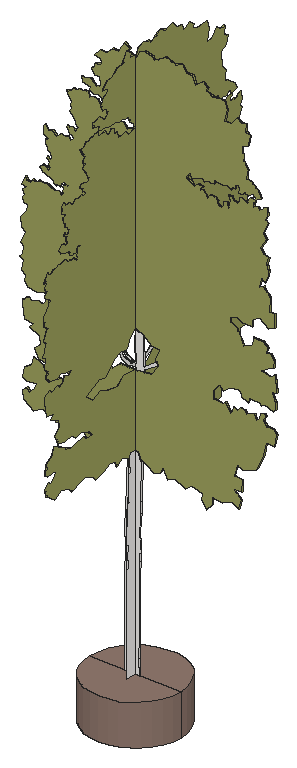
Revit family "자작나무", category 수목, Revit 2019
Family settings
  OmniClass 번호 = 23.40.05.00
  OmniClass 제목 = Plants and Planting Products
  작업 기준면 기반 = 아니오
  항상 수직 = 예
  로드될 때 보이드를 사용하여 절단 = 아니오
  렌더 모양 소스 = 패밀리 형상
  공유 = 아니오
Parameters
  콘 높이 = 뿌리분 직경 / 4  # 272.5 mm
  뿌리분 직경 = (24 mm + ((R / 10) - 3 mm) * 5) * 10  # 1090 mm
  뿌리분 높이 = 뿌리분 직경 / 2  # 545 mm
  높이 = 4500 mm
  R = 200 mm
  H = 높이  # 4500 mm
Reference planes
  plane 1 "중심(앞/뒤)": y = 0
  plane 2: z = 0
  plane 3 "중심(왼쪽/오른쪽)": x = 0
  plane 4: x = 482.5
  plane 5: x = -607.5
  plane 6: z = -545
  plane 7: z = -817.5
  plane 8: z = 4500
  plane 9: x = -100
  plane 10: x = 100
Forms (mm)
  Revolve 1, solid, material "흙"
    sketch origin (0, 0, 0) x (1, 0, 0) y (0, 0, 1)
      loop
        line (0, 0) -> (-607.5, 0) -> (-607.5, -545) -> (0, -545) -> (0, 0)
      axis (0, 0) -> (0, -545)
    angle from 0 to 360
  Revolve 2, solid, material "흙"
    sketch origin (0, 0, 0) x (1, 0, 0) y (0, 0, 1)
      loop
        line (0, -545) -> (-607.5, -545) -> (0, -817.5) -> (0, -545)
      axis (0, -545) -> (0, -817.5)
    angle from 0 to 360
Dimensions and locks
  "뿌리분 직경": plane 4 to plane 5
  "뿌리분 높이": plane 6 to level
  "콘 높이": plane 7 to plane 6
  "H": level to plane 8
  "R": plane 9 to plane 10
  aligned and locked: level to plane 2
Automatic sketch dimensions
  Revolve 1 sketch curve to level = 0 mm  (x2)
  Revolve 1 sketch curve to plane 5 = 0 mm
  Revolve 1 sketch curve to plane 3 "중심(왼쪽/오른쪽)" = 0 mm  (x2)
  Revolve 1 sketch curve to plane 6 = 0 mm  (x2)
  Revolve 2 sketch curve to plane 5 = 0 mm
  Revolve 2 sketch curve to plane 3 "중심(왼쪽/오른쪽)" = 0 mm  (x2)
  Revolve 2 sketch curve to plane 7 = 0 mm  (x2)
  Revolve 2 sketch curve to plane 6 = 0 mm  (x2)
Nested families
  nested 1: "자작나무_base" at (0, 0, 0), type "자작나무_base"
Definition of nested family "자작나무_base"
  Parameters (values of type "자작나무_base")
    Height = 6000 mm
  Reference planes
    plane 1 "중심(앞/뒤)": y = 0
    plane 2: z = 0
    plane 3 "중심(왼쪽/오른쪽)": x = 0
  Forms (mm)
    Extrusion 1, solid, detail levels fine
      sketch origin (-40, 0, 0) x (1, 0, 0) y (0, 0, 1)
        loop
          line (-550.821, 6763.134) -> (-560.489, 6724.454) -> (-509.84, 6699.187) -> (-455.17, 6708.904) -> (-389.567, 6678.538) -> (-321.534, 6693.114) -> (-289.947, 6693.114) -> (-220.699, 6665.177) -> (-189.112, 6684.611) -> (-115.004, 6663.188) -> (-72.89, 6663.188) -> (-50.657, 6589.966) -> (19.963, 6542.894) -> (26.502, 6476.21) -> (-59.812, 6440.906) -> (-109.508, 6499.746) -> (-194.514, 6474.902) -> (-244.21, 6508.898) -> (-259.929, 6560.747) -> (-315.264, 6574.271) -> (-321.412, 6628.366) -> (-352.154, 6638.201) -> (-380.437, 6601.318) -> (-429.623, 6611.154) -> (-452.987, 6657.872) -> (-512.011, 6652.955) -> (-562.428, 6636.972) -> (-579.643, 6702.132) -> (-622.682, 6702.132) -> (-646.045, 6677.543) -> (-694.003, 6686.149) -> (-731.077, 6658.802) -> (-769.013, 6672.626) -> (-805.621, 6620.884) -> (-868.395, 6616.961) -> (-835.7, 6556.814) -> (-793.851, 6500.59) -> (-816.083, 6457.441) -> (-801.697, 6409.062) -> (-823.487, 6376.42) -> (-764.331, 6305.446) -> (-739.354, 6237.101) -> (-706.489, 6225.272) -> (-743.297, 6177.955) -> (-793.252, 6198.985) -> (-826.117, 6195.042) -> (-853.723, 6202.928) -> (-868.184, 6171.384) -> (-834.004, 6142.468) -> (-823.887, 6107.51) -> (-792.592, 6097.629) -> (-778.591, 6058.93) -> (-812.357, 6044.932) -> (-837.887, 6076.221) -> (-883.183, 6052.342) -> (-937.046, 6070.496) -> (-992.834, 6027.999) -> (-1045.966, 6070.496) -> (-1104.411, 6061.2) -> (-1142.932, 6112.994) -> (-1170.826, 6079.792) -> (-1165.513, 6042.607) -> (-1168.17, 5989.486) -> (-1099.098, 5957.613) -> (-1124.336, 5933.708) -> (-1148.245, 5932.38) -> (-1144.26, 5876.602) -> (-1113.709, 5858.009) -> (-1117.694, 5816.84) -> (-1076.517, 5796.919) -> (-1059.249, 5723.877) -> (-1084.487, 5703.956) -> (-1119.023, 5739.814) -> (-1132.306, 5711.925) -> (-1096.442, 5682.708) -> (-1100.426, 5640.21) -> (-1077.845, 5610.993) -> (-1100.426, 5588.417) -> (-1132.184, 5614.566) -> (-1172.171, 5623.894) -> (-1226.819, 5575.919) -> (-1208.159, 5566.591) -> (-1185.499, 5525.279) -> (-1150.844, 5522.613) -> (-1116.189, 5503.956) -> (-1072.203, 5502.624) -> (-1042.879, 5475.971) -> (-1045.545, 5446.653) -> (-1001.56, 5434.659) -> (-990.896, 5445.32) -> (-945.578, 5433.326) -> (-936.248, 5478.636) -> (-900.259, 5506.622) -> (-849.609, 5487.965) -> (-905.591, 5477.303) -> (-914.921, 5447.985) -> (-904.258, 5422.665) -> (-924.251, 5385.351) -> (-906.924, 5365.361) -> (-926.917, 5346.704) -> (-976.234, 5378.688) -> (-1018.887, 5365.361) -> (-1038.881, 5382.686) -> (-1061.54, 5380.021) -> (-1112.19, 5417.335) -> (-1170.9, 5404.743) -> (-1226.024, 5414.152) -> (-1270.391, 5383.235) -> (-1312.07, 5395.333) -> (-1340.304, 5360.384) -> (-1392.738, 5368.449) -> (-1406.183, 5400.71) -> (-1462.717, 5293.076) -> (-1402.105, 5271.433) -> (-1451.894, 5234.639) -> (-1428.082, 5171.875) -> (-1456.223, 5137.246) -> (-1434.576, 5085.302) -> (-1382.623, 5072.316) -> (-1391.282, 4996.566) -> (-1471.376, 4892.679) -> (-1462.717, 4784.463) -> (-1410.764, 4736.848) -> (-1471.779, 4602.723) -> (-1439.083, 4563.495) -> (-1456.521, 4465.425) -> (-1487.037, 4428.377) -> (-1434.723, 4395.687) -> (-1458.815, 4272.409) -> (-1415.069, 4224.297) -> (-1428.193, 4147.757) -> (-1380.072, 4095.272) -> (-1266.333, 4073.403) -> (-1176.654, 4108.393) -> (-1102.286, 4077.777) -> (-1006.045, 4066.842) -> (-1062.914, 4025.292) -> (-1132.908, 4051.534) -> (-1159.155, 3974.994) -> (-1207.276, 3961.872) -> (-1242.272, 3981.554) -> (-1336.326, 3942.191) -> (-1373.51, 3983.741) -> (-1454.44, 3931.256) -> (-1450.065, 3874.397) -> (-1425.264, 3701.005) -> (-1307.211, 3678.523) -> (-1357.805, 3633.559) -> (-1222.888, 3566.114) -> (-1211.645, 3470.565) -> (-1290.347, 3403.12) -> (-1234.131, 3290.71) -> (-1121.7, 3268.228) -> (-1013.657, 3284.718) -> (-936.036, 3233.719) -> (-867.285, 3264.762) -> (-745.309, 3224.85) -> (-680.994, 3151.678) -> (-760.833, 3145.026) -> (-805.188, 3182.72) -> (-938.253, 3160.547) -> (-1026.964, 3142.808) -> (-1124.545, 3191.59) -> (-1242.086, 3264.762) -> (-1304.183, 3286.935) -> (-1330.796, 3193.807) -> (-1428.377, 3129.505) -> (-1448.337, 3000.899) -> (-1401.764, 2978.726) -> (-1270.917, 2983.161) -> (-1286.441, 2923.293) -> (-1352.974, 2863.425) -> (-1392.893, 2898.902) -> (-1454.99, 2843.469) -> (-1430.595, 2743.689) -> (-1297.53, 2648.344) -> (-1195.513, 2712.646) -> (-1053.577, 2681.604) -> (-1007.004, 2626.17) -> (-873.939, 2670.517) -> (-776.357, 2697.125) -> (-654.381, 2650.561) -> (-605.59, 2584.041) -> (-499.138, 2623.953) -> (-379.367, 2676.698) -> (-284.936, 2658.884) -> (-268.9, 2600.098) -> (-179.814, 2644.633) -> (-69.347, 2614.35) -> (-44.52, 2661.349) -> (84.851, 2647.366) -> (107.689, 2578.848) -> (188.943, 2531.165) -> (282.562, 2476.417) -> (374.414, 2501.142) -> (413.275, 2570.018) -> (466.267, 2456.99) -> (565.185, 2506.44) -> (715.328, 2439.33) -> (789.516, 2495.844) -> (941.426, 2453.458) -> (925.528, 2377.518) -> (987.352, 2276.853) -> (1063.307, 2368.688) -> (1068.353, 2455.474) -> (1203.375, 2437.475) -> (1315.893, 2495.973) -> (1419.409, 2441.975) -> (1450.914, 2563.471) -> (1360.9, 2648.968) -> (1455.415, 2662.468) -> (1464.417, 2801.963) -> (1356.399, 2810.963) -> (1396.906, 2950.459) -> (1464.417, 2923.46) -> (1657.948, 2995.457) -> (1749.34, 3189.226) -> (1780.195, 3349.08) -> (1889.589, 3349.08) -> (1923.249, 3497.717) -> (1877.685, 3558.549) -> (1788.482, 3552.327) -> (1744.918, 3608.327) -> (1778.11, 3658.105) -> (1761.514, 3689.217) -> (1703.428, 3670.55) -> (1695.13, 3612.475) -> (1651.566, 3577.216) -> (1630.821, 3643.587) -> (1566.512, 3624.92) -> (1514.649, 3610.401) -> (1495.979, 3645.661) -> (1439.967, 3645.661) -> (1398.478, 3597.957) -> (1340.392, 3622.846) -> (1330.019, 3560.623) -> (1304.547, 3548.642) -> (1245.642, 3649.603) -> (1211.982, 3613.145) -> (1080.147, 3635.58) -> (1082.952, 3728.127) -> (1161.492, 3820.675) -> (1220.397, 3781.412) -> (1290.522, 3840.306) -> (1412.999, 3855.144) -> (1450.34, 3821.959) -> (1452.414, 3780.477) -> (1547.841, 3747.291) -> (1564.437, 3801.218) -> (1686.832, 3801.218) -> (1713.8, 3765.958) -> (1757.365, 3792.922) -> (1875.611, 3757.662) -> (1909.224, 3789.38) -> (1909.224, 3876.319) -> (1864.345, 3974.475) -> (1923.249, 3994.106) -> (1903.614, 4201.636) -> (1839.1, 4153.96) -> (1721.29, 4187.613) -> (1837.508, 4269.838) -> (1882.96, 4282.073) -> (1886.456, 4360.725) -> (1841.004, 4427.143) -> (1779.818, 4428.891) -> (1813.034, 4486.569) -> (1746.603, 4547.743) -> (1613.743, 4547.743) -> (1605.002, 4449.865) -> (1477.386, 4399.178) -> (1461.652, 4448.117) -> (1407.459, 4514.534) -> (1396.97, 4575.709) -> (1307.814, 4624.648) -> (1306.066, 4671.839) -> (1391.726, 4710.291) -> (1468.645, 4675.335) -> (1593.238, 4671.885) -> (1593.238, 4747.593) -> (1691.232, 4805.487) -> (1815.952, 4716.419) -> (1896.129, 4760.953) -> (1896.129, 4930.183) -> (1829.315, 4930.183) -> (1833.769, 5099.413) -> (1768.204, 5166.052) -> (1750.813, 5200.828) -> (1684.726, 5171.268) -> (1722.987, 5277.334) -> (1771.682, 5249.514) -> (1804.725, 5338.192) -> (1816.899, 5411.221) -> (1789.073, 5477.295) -> (1813.421, 5562.496) -> (1754.291, 5574.667) -> (1710.25, 5648.868) -> (1789.974, 5768.43) -> (1741.446, 5830.811) -> (1807.305, 5960.77) -> (1767.443, 5997.158) -> (1803.838, 6059.538) -> (1793.44, 6149.643) -> (1741.446, 6134.048) -> (1733.953, 6103.794) -> (1694.423, 6088.495) -> (1677.847, 6116.543) -> (1617.915, 6101.244) -> (1608.989, 6156.064) -> (1637.042, 6158.614) -> (1633.217, 6182.837) -> (1573.286, 6191.761) -> (1541.407, 6154.789) -> (1532.481, 6122.917) -> (1491.677, 6122.917) -> (1450.873, 6147.14) -> (1427.921, 6135.666) -> (1426.645, 6092.32) -> (1402.418, 6077.021) -> (1342.487, 6089.77) -> (1333.561, 6124.192) -> (1283.83, 6125.467) -> (1308.058, 6065.547) -> (1283.83, 5964.831) -> (1260.878, 6009.452) -> (1260.878, 6034.95) -> (1212.423, 6013.277) -> (1220.074, 5971.205) -> (1192.021, 5948.257) -> (1163.968, 5955.907) -> (1133.365, 5973.755) -> (1139.74, 6004.352) -> (1102.762, 6037.499) -> (1045.38, 6043.874) -> (1004.576, 5996.703) -> (971.423, 6023.476) -> (947.195, 6068.097) -> (912.767, 6051.523) -> (906.391, 6071.921) -> (941.688, 6100.612) -> (886.228, 6116.207) -> (828.516, 6072.859) -> (780.802, 6106.934) -> (719.456, 6134.194) -> (767.17, 6193.257) -> (801.251, 6145.552) -> (919.399, 6193.257) -> (966.435, 6172.704) -> (1006.446, 6196.706) -> (1036.454, 6178.705) -> (1092.468, 6182.705) -> (1098.47, 6220.708) -> (1194.495, 6212.707) -> (1249.561, 6230.394) -> (1315.067, 6194.097) -> (1335.587, 6231.183) -> (1367.156, 6229.605) -> (1371.102, 6269.848) -> (1416.877, 6273.793) -> (1423.191, 6237.496) -> (1416.554, 6196.706) -> (1442.561, 6188.705) -> (1476.57, 6202.706) -> (1492.574, 6226.708) -> (1548.589, 6206.707) -> (1596.602, 6242.709) -> (1646.912, 6193.144) -> (1719.158, 6226.693) -> (1689.621, 6290.299) -> (1580.561, 6381.165) -> (1523.758, 6394.795) -> (1528.303, 6465.216) -> (1544.645, 6510.967) -> (1475.632, 6591.967) -> (1459.728, 6764.612) -> (1543.795, 6803.23) -> (1566.516, 6919.085) -> (1511.986, 6957.703) -> (1518.802, 7050.84) -> (1450.087, 7042.118) -> (1398.099, 7082.796) -> (1314.467, 6978.84) -> (1233.095, 6983.36) -> (1264.74, 7127.994) -> (1228.574, 7236.469) -> (1072.611, 7218.39) -> (986.467, 7250.688) -> (1008.003, 7297.341) -> (943.394, 7347.582) -> (846.481, 7279.397) -> (806.188, 7374.254) -> (725.457, 7382.863) -> (667.331, 7449.588) -> (566.511, 7426.533) -> (451.651, 7469.597) -> (422.936, 7448.065) -> (300.898, 7379.88) -> (279.362, 7415.767) -> (182.449, 7440.888) -> (96.304, 7405.001) -> (71.179, 7336.816) -> (-65.217, 7358.348) -> (-18.555, 7405.001) -> (-93.932, 7451.654) -> (-173.197, 7326.49) -> (-252.803, 7323.697) -> (-272.355, 7298.564) -> (-342.184, 7244.107) -> (-421.79, 7248.296) -> (-490.223, 7160.328) -> (-410.617, 7142.176) -> (-406.427, 7101.682) -> (-499.999, 7055.604) -> (-490.519, 7020.205) -> (-531.405, 7000.745) -> (-494.367, 6922.925) -> (-434.208, 6924.233) -> (-410.668, 6839.243) -> (-466.903, 6805.247) -> (-545.371, 6871.931) -> (-621.222, 6843.165) -> (-663.072, 6852.318) -> (-651.302, 6788.249) -> (-550.821, 6763.134)
        loop
          line (-149.538, 3618.868) -> (32.447, 3613.092) -> (254.874, 3630.421) -> (350.199, 3751.721) -> (318.424, 3823.924) -> (379.086, 3971.217) -> (260.651, 3974.105) -> (176.88, 4043.419) -> (46.891, 4115.622) -> (-54.212, 4028.979) -> (-100.431, 3919.231) -> (-218.866, 3922.119) -> (-314.191, 3878.798) -> (-380.63, 3821.036) -> (-464.402, 3734.393) -> (-551.061, 3760.385) -> (-785.042, 3650.638) -> (-657.941, 3546.666) -> (-530.841, 3610.204) -> (-409.517, 3563.994) -> (-250.641, 3532.225) -> (-149.538, 3618.868)
      from 0 to 5
    Extrusion 2, solid, detail levels fine
      sketch origin (-40, 0, 0) x (1, 0, 0) y (0, 0, 1)
        loop
          line (57.797, 3691.532) -> (53.536, 3685.852) -> (-56.551, 3750.471) -> (-159.535, 3859.826) -> (-184.394, 3917.345) -> (-212.093, 3918.765) -> (-181.553, 3837.813) -> (-75.727, 3724.197) -> (58.508, 3642.535) -> (59.218, 3619.812) -> (169.305, 3629.044) -> (171.466, 3653.331) -> (339.792, 3761.977) -> (323.456, 3799.612) -> (169.335, 3685.996) -> (159.392, 3695.937) -> (154.42, 4049.568) -> (52.146, 4107.086) -> (44.263, 3926.929) -> (57.797, 3691.532)
        loop
          line (-66.287, 2224.425) -> (-85.02, 1924.75) -> (-98.133, 1671.898) -> (-90.64, 1499.585) -> (-92.564, 1092.673) -> (-100, 809.124) -> (-94.38, 217.265) -> (-100, 0) -> (100, 0) -> (94.112, 203.603) -> (96.467, 457.928) -> (102.416, 689.166) -> (95.35, 902.281) -> (95.403, 1129.884) -> (101.291, 1188.755) -> (103.647, 1364.192) -> (108.404, 1545.769) -> (109.582, 1592.866) -> (100.161, 1681.173) -> (110.76, 1837.772) -> (120.181, 1943.74) -> (116.735, 2078.488) -> (133.642, 2555.525) -> (104.339, 2574.384) -> (81.469, 2643.183) -> (-43.515, 2655.78) -> (-54.054, 2632.873) -> (-66.287, 2224.425)
      from 0 to 5
    Extrusion 3, solid, detail levels fine
      sketch origin (-5, -45, 0) x (0, 1, 0) y (0, 0, 1)
        loop
          line (-550.821, 6763.134) -> (-560.489, 6724.454) -> (-509.84, 6699.187) -> (-455.17, 6708.904) -> (-389.567, 6678.538) -> (-321.534, 6693.114) -> (-289.947, 6693.114) -> (-220.699, 6665.177) -> (-189.112, 6684.611) -> (-115.004, 6663.188) -> (-72.89, 6663.188) -> (-50.657, 6589.966) -> (19.963, 6542.894) -> (26.502, 6476.21) -> (-59.812, 6440.906) -> (-109.508, 6499.746) -> (-194.514, 6474.902) -> (-244.21, 6508.898) -> (-259.929, 6560.747) -> (-315.264, 6574.271) -> (-321.412, 6628.366) -> (-352.154, 6638.201) -> (-380.437, 6601.318) -> (-429.623, 6611.154) -> (-452.987, 6657.872) -> (-512.011, 6652.955) -> (-562.428, 6636.972) -> (-579.643, 6702.132) -> (-622.682, 6702.132) -> (-646.045, 6677.543) -> (-694.003, 6686.149) -> (-731.077, 6658.802) -> (-769.013, 6672.626) -> (-805.621, 6620.884) -> (-868.395, 6616.961) -> (-835.7, 6556.814) -> (-793.851, 6500.59) -> (-816.083, 6457.441) -> (-801.697, 6409.062) -> (-823.487, 6376.42) -> (-764.331, 6305.446) -> (-739.354, 6237.101) -> (-706.489, 6225.272) -> (-743.297, 6177.955) -> (-793.252, 6198.985) -> (-826.117, 6195.042) -> (-853.723, 6202.928) -> (-868.184, 6171.384) -> (-834.004, 6142.468) -> (-823.887, 6107.51) -> (-792.592, 6097.629) -> (-778.591, 6058.93) -> (-812.357, 6044.932) -> (-837.887, 6076.221) -> (-883.183, 6052.342) -> (-937.046, 6070.496) -> (-992.834, 6027.999) -> (-1045.966, 6070.496) -> (-1104.411, 6061.2) -> (-1142.932, 6112.994) -> (-1170.826, 6079.792) -> (-1165.513, 6042.607) -> (-1168.17, 5989.486) -> (-1099.098, 5957.613) -> (-1124.336, 5933.708) -> (-1148.245, 5932.38) -> (-1144.26, 5876.602) -> (-1113.709, 5858.009) -> (-1117.694, 5816.84) -> (-1076.517, 5796.919) -> (-1059.249, 5723.877) -> (-1084.487, 5703.956) -> (-1119.023, 5739.814) -> (-1132.306, 5711.925) -> (-1096.442, 5682.708) -> (-1100.426, 5640.21) -> (-1077.845, 5610.993) -> (-1100.426, 5588.417) -> (-1132.184, 5614.566) -> (-1172.171, 5623.894) -> (-1226.819, 5575.919) -> (-1208.159, 5566.591) -> (-1185.499, 5525.279) -> (-1150.844, 5522.613) -> (-1116.189, 5503.956) -> (-1072.203, 5502.624) -> (-1042.879, 5475.971) -> (-1045.545, 5446.653) -> (-1001.56, 5434.659) -> (-990.896, 5445.32) -> (-945.578, 5433.326) -> (-936.248, 5478.636) -> (-900.259, 5506.622) -> (-849.609, 5487.965) -> (-905.591, 5477.303) -> (-914.921, 5447.985) -> (-904.258, 5422.665) -> (-924.251, 5385.351) -> (-906.924, 5365.361) -> (-926.917, 5346.704) -> (-976.234, 5378.688) -> (-1018.887, 5365.361) -> (-1038.881, 5382.686) -> (-1061.54, 5380.021) -> (-1112.19, 5417.335) -> (-1170.9, 5404.743) -> (-1226.024, 5414.152) -> (-1270.391, 5383.235) -> (-1312.07, 5395.333) -> (-1340.304, 5360.384) -> (-1392.738, 5368.449) -> (-1406.183, 5400.71) -> (-1462.717, 5293.076) -> (-1402.105, 5271.433) -> (-1451.894, 5234.639) -> (-1428.082, 5171.875) -> (-1456.223, 5137.246) -> (-1434.576, 5085.302) -> (-1382.623, 5072.316) -> (-1391.282, 4996.566) -> (-1471.376, 4892.679) -> (-1462.717, 4784.463) -> (-1410.764, 4736.848) -> (-1471.779, 4602.723) -> (-1439.083, 4563.495) -> (-1456.521, 4465.425) -> (-1487.037, 4428.377) -> (-1434.723, 4395.687) -> (-1458.815, 4272.409) -> (-1415.069, 4224.297) -> (-1428.193, 4147.757) -> (-1380.072, 4095.272) -> (-1266.333, 4073.403) -> (-1176.654, 4108.393) -> (-1102.286, 4077.777) -> (-1006.045, 4066.842) -> (-1062.914, 4025.292) -> (-1132.908, 4051.534) -> (-1159.155, 3974.994) -> (-1207.276, 3961.872) -> (-1242.272, 3981.554) -> (-1336.326, 3942.191) -> (-1373.51, 3983.741) -> (-1454.44, 3931.256) -> (-1450.065, 3874.397) -> (-1425.264, 3701.005) -> (-1307.211, 3678.523) -> (-1357.805, 3633.559) -> (-1222.888, 3566.114) -> (-1211.645, 3470.565) -> (-1290.347, 3403.12) -> (-1234.131, 3290.71) -> (-1121.7, 3268.228) -> (-1013.657, 3284.718) -> (-936.036, 3233.719) -> (-867.285, 3264.762) -> (-745.309, 3224.85) -> (-680.994, 3151.678) -> (-760.833, 3145.026) -> (-805.188, 3182.72) -> (-938.253, 3160.547) -> (-1026.964, 3142.808) -> (-1124.545, 3191.59) -> (-1242.086, 3264.762) -> (-1304.183, 3286.935) -> (-1330.796, 3193.807) -> (-1428.377, 3129.505) -> (-1448.337, 3000.899) -> (-1401.764, 2978.726) -> (-1270.917, 2983.161) -> (-1286.441, 2923.293) -> (-1352.974, 2863.425) -> (-1392.893, 2898.902) -> (-1454.99, 2843.469) -> (-1430.595, 2743.689) -> (-1297.53, 2648.344) -> (-1195.513, 2712.646) -> (-1053.577, 2681.604) -> (-1007.004, 2626.17) -> (-873.939, 2670.517) -> (-776.357, 2697.125) -> (-654.381, 2650.561) -> (-605.59, 2584.041) -> (-499.138, 2623.953) -> (-379.367, 2676.698) -> (-284.936, 2658.884) -> (-268.9, 2600.098) -> (-179.814, 2644.633) -> (-69.347, 2614.35) -> (-44.52, 2661.349) -> (84.851, 2647.366) -> (107.689, 2578.848) -> (188.943, 2531.165) -> (282.562, 2476.417) -> (374.414, 2501.142) -> (413.275, 2570.018) -> (466.267, 2456.99) -> (565.185, 2506.44) -> (715.328, 2439.33) -> (789.516, 2495.844) -> (941.426, 2453.458) -> (925.528, 2377.518) -> (987.352, 2276.853) -> (1063.307, 2368.688) -> (1068.353, 2455.474) -> (1203.375, 2437.475) -> (1315.893, 2495.973) -> (1419.409, 2441.975) -> (1450.914, 2563.471) -> (1360.9, 2648.968) -> (1455.415, 2662.468) -> (1464.417, 2801.963) -> (1356.399, 2810.963) -> (1396.906, 2950.459) -> (1464.417, 2923.46) -> (1657.948, 2995.457) -> (1749.34, 3189.226) -> (1780.195, 3349.08) -> (1889.589, 3349.08) -> (1923.249, 3497.717) -> (1877.685, 3558.549) -> (1788.482, 3552.327) -> (1744.918, 3608.327) -> (1778.11, 3658.105) -> (1761.514, 3689.217) -> (1703.428, 3670.55) -> (1695.13, 3612.475) -> (1651.566, 3577.216) -> (1630.821, 3643.587) -> (1566.512, 3624.92) -> (1514.649, 3610.401) -> (1495.979, 3645.661) -> (1439.967, 3645.661) -> (1398.478, 3597.957) -> (1340.392, 3622.846) -> (1330.019, 3560.623) -> (1304.547, 3548.642) -> (1245.642, 3649.603) -> (1211.982, 3613.145) -> (1080.147, 3635.58) -> (1082.952, 3728.127) -> (1161.492, 3820.675) -> (1220.397, 3781.412) -> (1290.522, 3840.306) -> (1412.999, 3855.144) -> (1450.34, 3821.959) -> (1452.414, 3780.477) -> (1547.841, 3747.291) -> (1564.437, 3801.218) -> (1686.832, 3801.218) -> (1713.8, 3765.958) -> (1757.365, 3792.922) -> (1875.611, 3757.662) -> (1909.224, 3789.38) -> (1909.224, 3876.319) -> (1864.345, 3974.475) -> (1923.249, 3994.106) -> (1903.614, 4201.636) -> (1839.1, 4153.96) -> (1721.29, 4187.613) -> (1837.508, 4269.838) -> (1882.96, 4282.073) -> (1886.456, 4360.725) -> (1841.004, 4427.143) -> (1779.818, 4428.891) -> (1813.034, 4486.569) -> (1746.603, 4547.743) -> (1613.743, 4547.743) -> (1605.002, 4449.865) -> (1477.386, 4399.178) -> (1461.652, 4448.117) -> (1407.459, 4514.534) -> (1396.97, 4575.709) -> (1307.814, 4624.648) -> (1306.066, 4671.839) -> (1391.726, 4710.291) -> (1468.645, 4675.335) -> (1593.238, 4671.885) -> (1593.238, 4747.593) -> (1691.232, 4805.487) -> (1815.952, 4716.419) -> (1896.129, 4760.953) -> (1896.129, 4930.183) -> (1829.315, 4930.183) -> (1833.769, 5099.413) -> (1768.204, 5166.052) -> (1750.813, 5200.828) -> (1684.726, 5171.268) -> (1722.987, 5277.334) -> (1771.682, 5249.514) -> (1804.725, 5338.192) -> (1816.899, 5411.221) -> (1789.073, 5477.295) -> (1813.421, 5562.496) -> (1754.291, 5574.667) -> (1710.25, 5648.868) -> (1789.974, 5768.43) -> (1741.446, 5830.811) -> (1807.305, 5960.77) -> (1767.443, 5997.158) -> (1803.838, 6059.538) -> (1793.44, 6149.643) -> (1741.446, 6134.048) -> (1733.953, 6103.794) -> (1694.423, 6088.495) -> (1677.847, 6116.543) -> (1617.915, 6101.244) -> (1608.989, 6156.064) -> (1637.042, 6158.614) -> (1633.217, 6182.837) -> (1573.286, 6191.761) -> (1541.407, 6154.789) -> (1532.481, 6122.917) -> (1491.677, 6122.917) -> (1450.873, 6147.14) -> (1427.921, 6135.666) -> (1426.645, 6092.32) -> (1402.418, 6077.021) -> (1342.487, 6089.77) -> (1333.561, 6124.192) -> (1283.83, 6125.467) -> (1308.058, 6065.547) -> (1283.83, 5964.831) -> (1260.878, 6009.452) -> (1260.878, 6034.95) -> (1212.423, 6013.277) -> (1220.074, 5971.205) -> (1192.021, 5948.257) -> (1163.968, 5955.907) -> (1133.365, 5973.755) -> (1139.74, 6004.352) -> (1102.762, 6037.499) -> (1045.38, 6043.874) -> (1004.576, 5996.703) -> (971.423, 6023.476) -> (947.195, 6068.097) -> (912.767, 6051.523) -> (906.391, 6071.921) -> (941.688, 6100.612) -> (886.228, 6116.207) -> (828.516, 6072.859) -> (780.802, 6106.934) -> (719.456, 6134.194) -> (767.17, 6193.257) -> (801.251, 6145.552) -> (919.399, 6193.257) -> (966.435, 6172.704) -> (1006.446, 6196.706) -> (1036.454, 6178.705) -> (1092.468, 6182.705) -> (1098.47, 6220.708) -> (1194.495, 6212.707) -> (1249.561, 6230.394) -> (1315.067, 6194.097) -> (1335.587, 6231.183) -> (1367.156, 6229.605) -> (1371.102, 6269.848) -> (1416.877, 6273.793) -> (1423.191, 6237.496) -> (1416.554, 6196.706) -> (1442.561, 6188.705) -> (1476.57, 6202.706) -> (1492.574, 6226.708) -> (1548.589, 6206.707) -> (1596.602, 6242.709) -> (1646.912, 6193.144) -> (1719.158, 6226.693) -> (1689.621, 6290.299) -> (1580.561, 6381.165) -> (1523.758, 6394.795) -> (1528.303, 6465.216) -> (1544.645, 6510.967) -> (1475.632, 6591.967) -> (1459.728, 6764.612) -> (1543.795, 6803.23) -> (1566.516, 6919.085) -> (1511.986, 6957.703) -> (1518.802, 7050.84) -> (1450.087, 7042.118) -> (1398.099, 7082.796) -> (1314.467, 6978.84) -> (1233.095, 6983.36) -> (1264.74, 7127.994) -> (1228.574, 7236.469) -> (1072.611, 7218.39) -> (986.467, 7250.688) -> (1008.003, 7297.341) -> (943.394, 7347.582) -> (846.481, 7279.397) -> (806.188, 7374.254) -> (725.457, 7382.863) -> (667.331, 7449.588) -> (566.511, 7426.533) -> (451.651, 7469.597) -> (422.936, 7448.065) -> (300.898, 7379.88) -> (279.362, 7415.767) -> (182.449, 7440.888) -> (96.304, 7405.001) -> (71.179, 7336.816) -> (-65.217, 7358.348) -> (-18.555, 7405.001) -> (-93.932, 7451.654) -> (-173.197, 7326.49) -> (-252.803, 7323.697) -> (-272.355, 7298.564) -> (-342.184, 7244.107) -> (-421.79, 7248.296) -> (-490.223, 7160.328) -> (-410.617, 7142.176) -> (-406.427, 7101.682) -> (-499.999, 7055.604) -> (-490.519, 7020.205) -> (-531.405, 7000.745) -> (-494.367, 6922.925) -> (-434.208, 6924.233) -> (-410.668, 6839.243) -> (-466.903, 6805.247) -> (-545.371, 6871.931) -> (-621.222, 6843.165) -> (-663.072, 6852.318) -> (-651.302, 6788.249) -> (-550.821, 6763.134)
        loop
          line (-149.538, 3618.868) -> (32.447, 3613.092) -> (254.874, 3630.421) -> (350.199, 3751.721) -> (318.424, 3823.924) -> (379.086, 3971.217) -> (260.651, 3974.105) -> (176.88, 4043.419) -> (46.891, 4115.622) -> (-54.212, 4028.979) -> (-100.431, 3919.231) -> (-218.866, 3922.119) -> (-314.191, 3878.798) -> (-380.63, 3821.036) -> (-464.402, 3734.393) -> (-551.061, 3760.385) -> (-785.042, 3650.638) -> (-657.941, 3546.666) -> (-530.841, 3610.204) -> (-409.517, 3563.994) -> (-250.641, 3532.225) -> (-149.538, 3618.868)
      from 0 to 5
    Extrusion 4, solid, detail levels fine
      sketch origin (-5, -45, 0) x (0, 1, 0) y (0, 0, 1)
        loop
          line (57.797, 3691.532) -> (53.536, 3685.852) -> (-56.551, 3750.471) -> (-159.535, 3859.826) -> (-184.394, 3917.345) -> (-212.093, 3918.765) -> (-181.553, 3837.813) -> (-75.727, 3724.197) -> (58.508, 3642.535) -> (59.218, 3619.812) -> (169.305, 3629.044) -> (171.466, 3653.331) -> (339.792, 3761.977) -> (323.456, 3799.612) -> (169.335, 3685.996) -> (159.392, 3695.937) -> (154.42, 4049.568) -> (52.146, 4107.086) -> (44.263, 3926.929) -> (57.797, 3691.532)
        loop
          line (-66.287, 2224.425) -> (-85.02, 1924.75) -> (-98.133, 1671.898) -> (-90.64, 1499.585) -> (-92.564, 1092.673) -> (-100, 809.124) -> (-94.38, 217.265) -> (-100, 0) -> (100, 0) -> (94.112, 203.603) -> (96.467, 457.928) -> (102.416, 689.166) -> (95.35, 902.281) -> (95.403, 1129.884) -> (101.291, 1188.755) -> (103.647, 1364.192) -> (108.404, 1545.769) -> (109.582, 1592.866) -> (100.161, 1681.173) -> (110.76, 1837.772) -> (120.181, 1943.74) -> (116.735, 2078.488) -> (133.642, 2555.525) -> (104.339, 2574.384) -> (81.469, 2643.183) -> (-43.515, 2655.78) -> (-54.054, 2632.873) -> (-66.287, 2224.425)
      from 0 to 5
    Revolve 5, solid, detail levels coarse
      sketch origin (0, 0, 0) x (1, 0, 0) y (0, 0, 1)
        loop
          line (0, 0) -> (0, 7500)
          spline (0, 7500) -> (-406.05, 7418.042) -> (-785.514, 7177.533) -> (-1113.544, 6794.221) -> (-1368.663, 6293.204) -> (-1534.167, 5707.288) -> (-1599.218, 5074.836) -> (-1559.557, 4437.259) -> (-1417.782, 3836.304) -> (-1183.175, 3311.319) -> (-871.097, 2896.678) -> (-501.983, 2619.531) -> (-100, 2498.025)
          line (-100, 2498.025) -> (-100, 0) -> (0, 0)
        axis (0, 7500) -> (0, 0)
      angle from 0 to 360
  Lines and regions (mm)
    symbolic lines
      curve 1: line (-1619.402, -7.77, 0) -> (-1590.045, -37.127, 0)
      curve 2: line (-1590.045, -37.127, 0) -> (-1553.84, -59.636, 0)
      curve 3: line (-1553.84, -59.636, 0) -> (-1561.66, -106.6, 0)
      curve 4: line (-1561.66, -106.6, 0) -> (-1630.139, -175.079, 0)
      curve 5: line (-1630.139, -175.079, 0) -> (-1628.174, -231.828, 0)
      curve 6: line (-1628.174, -231.828, 0) -> (-1585.121, -247.489, 0)
      curve 7: line (-1585.121, -247.489, 0) -> (-1555.764, -276.846, 0)
      curve 8: line (-1555.764, -276.846, 0) -> (-1519.559, -299.355, 0)
      curve 9: line (-1519.559, -299.355, 0) -> (-1550.861, -350.228, 0)
      curve 10: line (-1550.861, -350.228, 0) -> (-1548.896, -406.977, 0)
      curve 11: line (-1548.896, -406.977, 0) -> (-1564.537, -500.903, 0)
      curve 12: line (-1564.537, -500.903, 0) -> (-1528.332, -523.412, 0)
      curve 13: line (-1528.332, -523.412, 0) -> (-1485.279, -539.073, 0)
      curve 14: line (-1485.279, -539.073, 0) -> (-1493.099, -586.036, 0)
      curve 15: line (-1493.099, -586.036, 0) -> (-1484.286, -635.937, 0)
      curve 16: line (-1484.286, -635.937, 0) -> (-1454.929, -665.294, 0)
      curve 17: line (-1454.929, -665.294, 0) -> (-1432.42, -701.499, 0)
      curve 18: line (-1432.42, -701.499, 0) -> (-1447.088, -755.31, 0)
      curve 19: line (-1447.088, -755.31, 0) -> (-1438.275, -805.211, 0)
      curve 20: line (-1438.275, -805.211, 0) -> (-1402.07, -827.72, 0)
      curve 21: line (-1402.07, -827.72, 0) -> (-1359.017, -843.381, 0)
      curve 22: line (-1359.017, -843.381, 0) -> (-1350.204, -893.282, 0)
      curve 23: line (-1350.204, -893.282, 0) -> (-1334.543, -936.335, 0)
      curve 24: line (-1334.543, -936.335, 0) -> (-1305.186, -965.692, 0)
      curve 25: line (-1305.186, -965.692, 0) -> (-1255.285, -974.505, 0)
      curve 26: line (-1255.285, -974.505, 0) -> (-1219.08, -997.014, 0)
      curve 27: line (-1219.08, -997.014, 0) -> (-1223.963, -1060.611, 0)
      curve 28: line (-1223.963, -1060.611, 0) -> (-1201.454, -1096.816, 0)
      curve 29: line (-1201.454, -1096.816, 0) -> (-1158.401, -1112.477, 0)
      curve 30: line (-1158.401, -1112.477, 0) -> (-1099.687, -1171.191, 0)
      curve 31: line (-1099.687, -1171.191, 0) -> (-1063.482, -1193.7, 0)
      curve 32: line (-1063.482, -1193.7, 0) -> (-1040.973, -1229.905, 0)
      curve 33: line (-1040.973, -1229.905, 0) -> (-1025.311, -1272.958, 0)
      curve 34: line (-1025.311, -1272.958, 0) -> (-931.385, -1257.317, 0)
      curve 35: line (-931.385, -1257.317, 0) -> (-902.028, -1286.674, 0)
      curve 36: line (-902.028, -1286.674, 0) -> (-917.689, -1243.621, 0)
      curve 37: line (-917.689, -1243.621, 0) -> (-953.894, -1221.112, 0)
      curve 38: line (-953.894, -1221.112, 0) -> (-955.86, -1164.363, 0)
      curve 39: line (-955.86, -1164.363, 0) -> (-928.468, -1136.972, 0)
      curve 40: line (-928.468, -1136.972, 0) -> (-884.443, -1112.518, 0)
      curve 41: line (-884.443, -1112.518, 0) -> (-866.837, -1075.34, 0)
      curve 42: line (-866.837, -1075.34, 0) -> (-859.016, -1028.377, 0)
      curve 43: line (-859.016, -1028.377, 0) -> (-814.991, -1003.923, 0)
      curve 44: line (-814.991, -1003.923, 0) -> (-758.242, -1005.889, 0)
      curve 45: line (-758.242, -1005.889, 0) -> (-749.429, -1055.789, 0)
      curve 46: line (-749.429, -1055.789, 0) -> (-783.669, -1090.029, 0)
      curve 47: line (-783.669, -1090.029, 0) -> (-754.312, -1119.386, 0)
      curve 48: line (-754.312, -1119.386, 0) -> (-778.766, -1163.411, 0)
      curve 49: line (-778.766, -1163.411, 0) -> (-749.409, -1192.768, 0)
      curve 50: line (-749.409, -1192.768, 0) -> (-773.863, -1236.794, 0)
      curve 51: line (-773.863, -1236.794, 0) -> (-811.04, -1254.4, 0)
      curve 52: line (-811.04, -1254.4, 0) -> (-838.432, -1281.791, 0)
      curve 53: line (-838.432, -1281.791, 0) -> (-815.923, -1317.996, 0)
      curve 54: line (-815.923, -1317.996, 0) -> (-833.529, -1355.174, 0)
      curve 55: line (-833.529, -1355.174, 0) -> (-817.867, -1398.227, 0)
      curve 56: line (-817.867, -1398.227, 0) -> (-767.967, -1407.04, 0)
      curve 57: line (-767.967, -1407.04, 0) -> (-711.218, -1409.005, 0)
      curve 58: line (-711.218, -1409.005, 0) -> (-675.013, -1431.514, 0)
      curve 59: line (-675.013, -1431.514, 0) -> (-666.2, -1481.415, 0)
      curve 60: line (-666.2, -1481.415, 0) -> (-629.995, -1503.924, 0)
      curve 61: line (-629.995, -1503.924, 0) -> (-573.246, -1505.889, 0)
      curve 62: line (-573.246, -1505.889, 0) -> (-523.345, -1514.703, 0)
      curve 63: line (-523.345, -1514.703, 0) -> (-429.419, -1499.062, 0)
      curve 64: line (-429.419, -1499.062, 0) -> (-386.366, -1514.723, 0)
      curve 65: line (-386.366, -1514.723, 0) -> (-298.295, -1602.794, 0)
      curve 66: line (-298.295, -1602.794, 0) -> (-261.118, -1585.188, 0)
      curve 67: line (-261.118, -1585.188, 0) -> (-214.155, -1577.368, 0)
      curve 68: line (-214.155, -1577.368, 0) -> (-164.254, -1586.181, 0)
      curve 69: line (-164.254, -1586.181, 0) -> (-117.291, -1578.361, 0)
      curve 70: line (-117.291, -1578.361, 0) -> (-60.542, -1580.326, 0)
      curve 71: line (-60.542, -1580.326, 0) -> (-13.579, -1572.505, 0)
      curve 72: line (-13.579, -1572.505, 0) -> (43.17, -1574.471, 0)
      curve 73: line (43.17, -1574.471, 0) -> (93.07, -1583.284, 0)
      curve 74: line (93.07, -1583.284, 0) -> (88.188, -1646.881, 0)
      curve 75: line (88.188, -1646.881, 0) -> (80.367, -1693.844, 0)
      curve 76: line (80.367, -1693.844, 0) -> (114.607, -1659.604, 0)
      curve 77: line (114.607, -1659.604, 0) -> (139.061, -1615.579, 0)
      curve 78: line (139.061, -1615.579, 0) -> (207.54, -1547.099, 0)
      curve 79: line (207.54, -1547.099, 0) -> (168.398, -1507.957, 0)
      curve 80: line (168.398, -1507.957, 0) -> (125.345, -1492.296, 0)
      curve 81: line (125.345, -1492.296, 0) -> (149.799, -1448.27, 0)
      curve 82: line (149.799, -1448.27, 0) -> (177.19, -1420.879, 0)
      curve 83: line (177.19, -1420.879, 0) -> (214.368, -1403.273, 0)
      curve 84: line (214.368, -1403.273, 0) -> (261.331, -1395.452, 0)
      curve 85: line (261.331, -1395.452, 0) -> (263.296, -1452.201, 0)
      curve 86: line (263.296, -1452.201, 0) -> (292.653, -1481.558, 0)
      curve 87: line (292.653, -1481.558, 0) -> (315.162, -1517.763, 0)
      curve 88: line (315.162, -1517.763, 0) -> (351.367, -1540.272, 0)
      curve 89: line (351.367, -1540.272, 0) -> (343.547, -1587.235, 0)
      curve 90: line (343.547, -1587.235, 0) -> (417.902, -1552.023, 0)
      curve 91: line (417.902, -1552.023, 0) -> (474.65, -1553.988, 0)
      curve 92: line (474.65, -1553.988, 0) -> (511.828, -1536.382, 0)
      curve 93: line (511.828, -1536.382, 0) -> (558.791, -1528.562, 0)
      curve 94: line (558.791, -1528.562, 0) -> (612.602, -1513.893, 0)
      curve 95: line (612.602, -1513.893, 0) -> (706.528, -1498.253, 0)
      curve 96: line (706.528, -1498.253, 0) -> (733.92, -1470.861, 0)
      curve 97: line (733.92, -1470.861, 0) -> (718.258, -1427.808, 0)
      curve 98: line (718.258, -1427.808, 0) -> (688.901, -1398.451, 0)
      curve 99: line (688.901, -1398.451, 0) -> (666.392, -1362.246, 0)
      curve 100: line (666.392, -1362.246, 0) -> (580.287, -1330.924, 0)
      curve 101: line (580.287, -1330.924, 0) -> (585.169, -1267.327, 0)
      curve 102: line (585.169, -1267.327, 0) -> (632.132, -1259.507, 0)
      curve 103: line (632.132, -1259.507, 0) -> (669.31, -1241.901, 0)
      curve 104: line (669.31, -1241.901, 0) -> (696.701, -1214.509, 0)
      curve 105: line (696.701, -1214.509, 0) -> (769.111, -1259.527, 0)
      curve 106: line (769.111, -1259.527, 0) -> (796.503, -1232.136, 0)
      curve 107: line (796.503, -1232.136, 0) -> (832.708, -1254.645, 0)
      curve 108: line (832.708, -1254.645, 0) -> (797.496, -1328.999, 0)
      curve 109: line (797.496, -1328.999, 0) -> (820.005, -1365.204, 0)
      curve 110: line (820.005, -1365.204, 0) -> (913.931, -1349.564, 0)
      curve 111: line (913.931, -1349.564, 0) -> (951.108, -1331.958, 0)
      curve 112: line (951.108, -1331.958, 0) -> (978.5, -1304.566, 0)
      curve 113: line (978.5, -1304.566, 0) -> (1015.678, -1286.96, 0)
      curve 114: line (1015.678, -1286.96, 0) -> (1043.069, -1259.568, 0)
      curve 115: line (1043.069, -1259.568, 0) -> (1080.247, -1241.962, 0)
      curve 116: line (1080.247, -1241.962, 0) -> (1124.272, -1217.508, 0)
      curve 117: line (1124.272, -1217.508, 0) -> (1179.055, -1162.725, 0)
      curve 118: line (1179.055, -1162.725, 0) -> (1196.661, -1125.547, 0)
      curve 119: line (1196.661, -1125.547, 0) -> (1224.053, -1098.156, 0)
      curve 120: line (1224.053, -1098.156, 0) -> (1259.265, -1023.801, 0)
      curve 121: line (1259.265, -1023.801, 0) -> (1341.44, -941.626, 0)
      curve 122: line (1341.44, -941.626, 0) -> (1318.931, -905.421, 0)
      curve 123: line (1318.931, -905.421, 0) -> (1244.577, -940.633, 0)
      curve 124: line (1244.577, -940.633, 0) -> (1252.397, -893.67, 0)
      curve 125: line (1252.397, -893.67, 0) -> (1236.736, -850.617, 0)
      curve 126: line (1236.736, -850.617, 0) -> (1270.975, -816.377, 0)
      curve 127: line (1270.975, -816.377, 0) -> (1295.429, -772.352, 0)
      curve 128: line (1295.429, -772.352, 0) -> (1349.24, -757.684, 0)
      curve 129: line (1349.24, -757.684, 0) -> (1386.418, -740.078, 0)
      curve 130: line (1386.418, -740.078, 0) -> (1429.471, -755.739, 0)
      curve 131: line (1429.471, -755.739, 0) -> (1466.648, -738.133, 0)
      curve 132: line (1466.648, -738.133, 0) -> (1494.04, -710.741, 0)
      curve 133: line (1494.04, -710.741, 0) -> (1531.217, -693.135, 0)
      curve 134: line (1531.217, -693.135, 0) -> (1565.457, -658.895, 0)
      curve 135: line (1565.457, -658.895, 0) -> (1573.277, -611.932, 0)
      curve 136: line (1573.277, -611.932, 0) -> (1587.945, -558.121, 0)
      curve 137: line (1587.945, -558.121, 0) -> (1605.551, -520.944, 0)
      curve 138: line (1605.551, -520.944, 0) -> (1613.372, -473.981, 0)
      curve 139: line (1613.372, -473.981, 0) -> (1666.19, -362.449, 0)
      curve 140: line (1666.19, -362.449, 0) -> (1674.01, -315.486, 0)
      curve 141: line (1674.01, -315.486, 0) -> (1637.805, -292.976, 0)
      curve 142: line (1637.805, -292.976, 0) -> (1594.753, -277.315, 0)
      curve 143: line (1594.753, -277.315, 0) -> (1609.421, -223.504, 0)
      curve 144: line (1609.421, -223.504, 0) -> (1636.813, -196.113, 0)
      curve 145: line (1636.813, -196.113, 0) -> (1644.633, -149.15, 0)
      curve 146: line (1644.633, -149.15, 0) -> (1662.239, -111.972, 0)
      curve 147: line (1662.239, -111.972, 0) -> (1689.631, -84.58, 0)
      curve 148: line (1689.631, -84.58, 0) -> (1707.237, -47.403, 0)
      curve 149: line (1707.237, -47.403, 0) -> (1705.271, 9.346, 0)
      curve 150: line (1705.271, 9.346, 0) -> (1669.066, 31.855, 0)
      curve 151: line (1669.066, 31.855, 0) -> (1646.557, 68.06, 0)
      curve 152: line (1646.557, 68.06, 0) -> (1644.592, 124.808, 0)
      curve 153: line (1644.592, 124.808, 0) -> (1669.046, 168.834, 0)
      curve 154: line (1669.046, 168.834, 0) -> (1723.829, 223.617, 0)
      curve 155: line (1723.829, 223.617, 0) -> (1701.32, 259.822, 0)
      curve 156: line (1701.32, 259.822, 0) -> (1615.215, 291.144, 0)
      curve 157: line (1615.215, 291.144, 0) -> (1629.883, 344.955, 0)
      curve 158: line (1629.883, 344.955, 0) -> (1621.07, 394.856, 0)
      curve 159: line (1621.07, 394.856, 0) -> (1589.747, 480.962, 0)
      curve 160: line (1589.747, 480.962, 0) -> (1567.238, 517.167, 0)
      curve 161: line (1567.238, 517.167, 0) -> (1575.059, 564.13, 0)
      curve 162: line (1575.059, 564.13, 0) -> (1589.727, 617.941, 0)
      curve 163: line (1589.727, 617.941, 0) -> (1560.37, 647.298, 0)
      curve 164: line (1560.37, 647.298, 0) -> (1551.557, 697.199, 0)
      curve 165: line (1551.557, 697.199, 0) -> (1549.591, 753.948, 0)
      curve 166: line (1549.591, 753.948, 0) -> (1502.628, 746.127, 0)
      curve 167: line (1502.628, 746.127, 0) -> (1465.451, 728.521, 0)
      curve 168: line (1465.451, 728.521, 0) -> (1412.612, 753.968, 0)
      curve 169: line (1412.612, 753.968, 0) -> (1427.281, 807.779, 0)
      curve 170: line (1427.281, 807.779, 0) -> (1454.672, 835.171, 0)
      curve 171: line (1454.672, 835.171, 0) -> (1442.921, 901.705, 0)
      curve 172: line (1442.921, 901.705, 0) -> (1399.869, 917.366, 0)
      curve 173: line (1399.869, 917.366, 0) -> (1372.477, 889.974, 0)
      curve 174: line (1372.477, 889.974, 0) -> (1322.576, 898.788, 0)
      curve 175: line (1322.576, 898.788, 0) -> (1300.067, 934.993, 0)
      curve 176: line (1300.067, 934.993, 0) -> (1315.708, 1028.919, 0)
      curve 177: line (1315.708, 1028.919, 0) -> (1270.69, 1101.329, 0)
      curve 178: line (1270.69, 1101.329, 0) -> (1261.876, 1151.229, 0)
      curve 179: line (1261.876, 1151.229, 0) -> (1203.162, 1209.944, 0)
      curve 180: line (1203.162, 1209.944, 0) -> (1180.653, 1246.148, 0)
      curve 181: line (1180.653, 1246.148, 0) -> (1137.6, 1261.81, 0)
      curve 182: line (1137.6, 1261.81, 0) -> (1090.637, 1253.989, 0)
      curve 183: line (1090.637, 1253.989, 0) -> (1053.46, 1236.383, 0)
      curve 184: line (1053.46, 1236.383, 0) -> (1026.068, 1208.991, 0)
      curve 185: line (1026.068, 1208.991, 0) -> (988.891, 1191.385, 0)
      curve 186: line (988.891, 1191.385, 0) -> (929.204, 1209.984, 0)
      curve 187: line (929.204, 1209.984, 0) -> (913.543, 1253.037, 0)
      curve 188: line (913.543, 1253.037, 0) -> (918.426, 1316.634, 0)
      curve 189: line (918.426, 1316.634, 0) -> (889.069, 1345.991, 0)
      curve 190: line (889.069, 1345.991, 0) -> (852.864, 1368.5, 0)
      curve 191: line (852.864, 1368.5, 0) -> (815.686, 1350.894, 0)
      curve 192: line (815.686, 1350.894, 0) -> (800.025, 1393.947, 0)
      curve 193: line (800.025, 1393.947, 0) -> (798.06, 1450.696, 0)
      curve 194: line (798.06, 1450.696, 0) -> (761.855, 1473.205, 0)
      curve 195: line (761.855, 1473.205, 0) -> (711.954, 1482.018, 0)
      curve 196: line (711.954, 1482.018, 0) -> (664.991, 1474.197, 0)
      curve 197: line (664.991, 1474.197, 0) -> (627.814, 1456.591, 0)
      curve 198: line (627.814, 1456.591, 0) -> (600.422, 1429.2, 0)
      curve 199: line (600.422, 1429.2, 0) -> (571.065, 1458.557, 0)
      curve 200: line (571.065, 1458.557, 0) -> (562.252, 1508.458, 0)
      curve 201: line (562.252, 1508.458, 0) -> (530.93, 1594.563, 0)
      curve 202: line (530.93, 1594.563, 0) -> (494.725, 1617.072, 0)
      curve 203: line (494.725, 1617.072, 0) -> (451.672, 1632.734, 0)
      curve 204: line (451.672, 1632.734, 0) -> (401.771, 1641.547, 0)
      curve 205: line (401.771, 1641.547, 0) -> (364.594, 1623.941, 0)
      curve 206: line (364.594, 1623.941, 0) -> (317.63, 1616.12, 0)
      curve 207: line (317.63, 1616.12, 0) -> (280.453, 1598.514, 0)
      curve 208: line (280.453, 1598.514, 0) -> (253.061, 1571.123, 0)
      curve 209: line (253.061, 1571.123, 0) -> (206.098, 1563.302, 0)
      curve 210: line (206.098, 1563.302, 0) -> (163.045, 1578.963, 0)
      curve 211: line (163.045, 1578.963, 0) -> (133.688, 1608.32, 0)
      curve 212: line (133.688, 1608.32, 0) -> (97.483, 1630.829, 0)
      curve 213: line (97.483, 1630.829, 0) -> (47.583, 1639.643, 0)
      curve 214: line (47.583, 1639.643, 0) -> (-65.915, 1643.573, 0)
      curve 215: line (-65.915, 1643.573, 0) -> (-159.841, 1627.933, 0)
      curve 216: line (-159.841, 1627.933, 0) -> (-197.018, 1610.327, 0)
      curve 217: line (-197.018, 1610.327, 0) -> (-231.258, 1576.087, 0)
      curve 218: line (-231.258, 1576.087, 0) -> (-268.435, 1558.481, 0)
      curve 219: line (-268.435, 1558.481, 0) -> (-311.488, 1574.142, 0)
      curve 220: line (-311.488, 1574.142, 0) -> (-347.693, 1596.651, 0)
      curve 221: line (-347.693, 1596.651, 0) -> (-394.656, 1588.831, 0)
      curve 222: line (-394.656, 1588.831, 0) -> (-385.843, 1538.93, 0)
      curve 223: line (-385.843, 1538.93, 0) -> (-407.359, 1478.271, 0)
      curve 224: line (-407.359, 1478.271, 0) -> (-360.396, 1486.091, 0)
      curve 225: line (-360.396, 1486.091, 0) -> (-286.041, 1521.303, 0)
      curve 226: line (-286.041, 1521.303, 0) -> (-277.228, 1471.403, 0)
      curve 227: line (-277.228, 1471.403, 0) -> (-301.682, 1427.377, 0)
      curve 228: line (-301.682, 1427.377, 0) -> (-348.645, 1419.557, 0)
      curve 229: line (-348.645, 1419.557, 0) -> (-412.242, 1414.674, 0)
      curve 230: line (-412.242, 1414.674, 0) -> (-449.419, 1397.068, 0)
      curve 231: line (-449.419, 1397.068, 0) -> (-485.624, 1419.577, 0)
      curve 232: line (-485.624, 1419.577, 0) -> (-477.804, 1466.54, 0)
      curve 233: line (-477.804, 1466.54, 0) -> (-507.161, 1495.897, 0)
      curve 234: line (-507.161, 1495.897, 0) -> (-550.214, 1511.559, 0)
      curve 235: line (-550.214, 1511.559, 0) -> (-587.391, 1493.953, 0)
      curve 236: line (-587.391, 1493.953, 0) -> (-634.354, 1486.132, 0)
      curve 237: line (-634.354, 1486.132, 0) -> (-708.709, 1450.92, 0)
      curve 238: line (-708.709, 1450.92, 0) -> (-765.458, 1452.885, 0)
      curve 239: line (-765.458, 1452.885, 0) -> (-812.421, 1445.065, 0)
      curve 240: line (-812.421, 1445.065, 0) -> (-839.812, 1417.673, 0)
      curve 241: line (-839.812, 1417.673, 0) -> (-864.266, 1373.648, 0)
      curve 242: line (-864.266, 1373.648, 0) -> (-911.229, 1365.828, 0)
      curve 243: line (-911.229, 1365.828, 0) -> (-985.584, 1330.616, 0)
      curve 244: line (-985.584, 1330.616, 0) -> (-1012.976, 1303.224, 0)
      curve 245: line (-1012.976, 1303.224, 0) -> (-1020.796, 1256.261, 0)
      curve 246: line (-1020.796, 1256.261, 0) -> (-1045.25, 1212.235, 0)
      curve 247: line (-1045.25, 1212.235, 0) -> (-1082.428, 1194.629, 0)
      curve 248: line (-1082.428, 1194.629, 0) -> (-1066.767, 1151.577, 0)
      curve 249: line (-1066.767, 1151.577, 0) -> (-1039.375, 1178.968, 0)
      curve 250: line (-1039.375, 1178.968, 0) -> (-1002.197, 1196.574, 0)
      curve 251: line (-1002.197, 1196.574, 0) -> (-972.84, 1167.217, 0)
      curve 252: line (-972.84, 1167.217, 0) -> (-990.446, 1130.04, 0)
      curve 253: line (-990.446, 1130.04, 0) -> (-1045.23, 1075.256, 0)
      curve 254: line (-1045.23, 1075.256, 0) -> (-1062.836, 1038.079, 0)
      curve 255: line (-1062.836, 1038.079, 0) -> (-1085.345, 1074.284, 0)
      curve 256: line (-1085.345, 1074.284, 0) -> (-1122.522, 1056.678, 0)
      curve 257: line (-1122.522, 1056.678, 0) -> (-1140.128, 1019.501, 0)
      curve 258: line (-1140.128, 1019.501, 0) -> (-1183.181, 1035.162, 0)
      curve 259: line (-1183.181, 1035.162, 0) -> (-1230.144, 1027.341, 0)
      curve 260: line (-1230.144, 1027.341, 0) -> (-1267.322, 1009.735, 0)
      curve 261: line (-1267.322, 1009.735, 0) -> (-1294.713, 982.344, 0)
      curve 262: line (-1294.713, 982.344, 0) -> (-1312.319, 945.166, 0)
      curve 263: line (-1312.319, 945.166, 0) -> (-1339.711, 917.775, 0)
      curve 264: line (-1339.711, 917.775, 0) -> (-1357.317, 880.597, 0)
      curve 265: line (-1357.317, 880.597, 0) -> (-1355.352, 823.848, 0)
      curve 266: line (-1355.352, 823.848, 0) -> (-1379.806, 779.823, 0)
      curve 267: line (-1379.806, 779.823, 0) -> (-1397.412, 742.646, 0)
      curve 268: line (-1397.412, 742.646, 0) -> (-1452.195, 687.862, 0)
      curve 269: line (-1452.195, 687.862, 0) -> (-1469.801, 650.685, 0)
      curve 270: line (-1469.801, 650.685, 0) -> (-1422.838, 658.505, 0)
      curve 271: line (-1422.838, 658.505, 0) -> (-1385.661, 676.111, 0)
      curve 272: line (-1385.661, 676.111, 0) -> (-1360.214, 623.273, 0)
      curve 273: line (-1360.214, 623.273, 0) -> (-1421.846, 561.641, 0)
      curve 274: line (-1421.846, 561.641, 0) -> (-1406.184, 518.589, 0)
      curve 275: line (-1406.184, 518.589, 0) -> (-1369.007, 536.195, 0)
      curve 276: line (-1369.007, 536.195, 0) -> (-1332.802, 513.685, 0)
      curve 277: line (-1332.802, 513.685, 0) -> (-1350.408, 476.508, 0)
      curve 278: line (-1350.408, 476.508, 0) -> (-1387.585, 458.902, 0)
      curve 279: line (-1387.585, 458.902, 0) -> (-1437.486, 467.715, 0)
      curve 280: line (-1437.486, 467.715, 0) -> (-1511.841, 432.503, 0)
      curve 281: line (-1511.841, 432.503, 0) -> (-1529.447, 395.326, 0)
      curve 282: line (-1529.447, 395.326, 0) -> (-1513.786, 352.273, 0)
      curve 283: line (-1513.786, 352.273, 0) -> (-1568.569, 297.489, 0)
      curve 284: line (-1568.569, 297.489, 0) -> (-1586.175, 260.312, 0)
      curve 285: line (-1586.175, 260.312, 0) -> (-1593.996, 213.349, 0)
      curve 286: line (-1593.996, 213.349, 0) -> (-1611.602, 176.172, 0)
      curve 287: line (-1611.602, 176.172, 0) -> (-1635.063, 35.282, 0)
      curve 288: line (-1635.063, 35.282, 0) -> (-1632.125, 18.649, 0)
      curve 289: line (-1808.186, 578.464, 0) -> (0, -0.737, 0)
      curve 290: line (0, -0.737, 0) -> (-502.093, 1837.223, 0)
      curve 291: line (-1888.337, 158.453, 0) -> (0, -0.737, 0)
      curve 292: line (0, -0.737, 0) -> (1874.907, -95.968, 0)
      curve 293: line (695.06, 1767.378, 0) -> (0, -0.737, 0)
      curve 294: line (0, -0.737, 0) -> (787.661, -1692.852, 0)
  Dimensions and locks
    aligned and locked: level to plane 2
